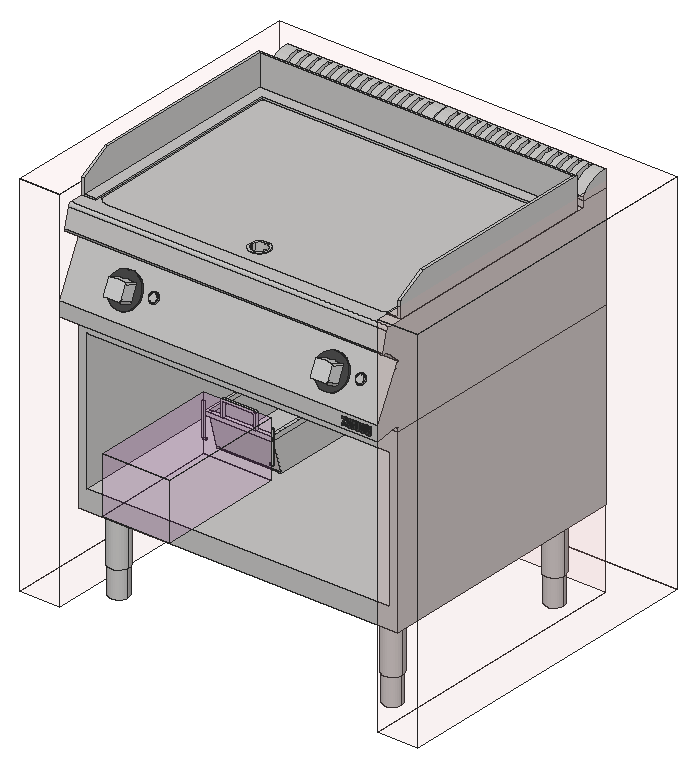
Revit family "QF_ZANUSSI_372040_Z7FTGHCSO0", category Attrezzature speciali, Revit 2020
Family settings
  Quota connettore circolare = Usa diametro
  Tipo di parte = Normale
  Basato su piano di lavoro = No
  Sempre verticale = Sì
  Taglio con vuoti quando caricato = No
  Condiviso = No
  Punto di calcolo locali = No
Parameters (values of type "Standard")
  Weight = 80.00 kg
  Watts = 0 W
  Volts = 0 V
  URL Manufacturer = "http://www.zanussiprofessional.com"
  URL = "http://www.zanussiprofessional.com"
  Steam Supply Size = 0 mm
  Steam Supply Minimum Pressure = 0.0 Pa
  Steam Supply Maximum Pressure = 0.0 Pa
  Steam Consumption per Hour = 0
  Show Logo [instance] = yes
  Show Clearance [instance] = yes
  Refrigeration Suction Line Size = 0 mm
  Refrigeration Liquid Line Size = 0 mm
  Refrigerant Compressor Remote = yes
  Prospetto di default = 0 mm
  Produttore = "Zanussi"
  Phase = 0
  Modello = "Z7FTGHCSO0"
  Length Actual = 800 mm  # constant formula
  Item Number = "372040"
  Hot Water Size = 0 mm
  Height Actual = 850 mm  # constant formula
  HP = "0 HP"
  Gas Size = 12.7 mm
  Gas KW = 14
  Gas Input Pressure = 0.137496 W
  Direct Waste Size = 0 mm
  Descrizione = "GAS FRY TOP-SMOOTH POLISHED CHROME PLATE+BASE 800MM"
  Depth Actual = 700 mm  # constant formula
  Cycle = 0 Hz
  Condensate Return Size = 0 mm
  Compressed Air Volume = 0.0 L/s
  Compressed Air Size = 0 mm
  Compressed Air Pressure = 0.0 Pa
  Cold Water Size = 0 mm
  Accessory = yes
Reference planes
  plane 1 "Back": y = 0
  plane 2: z = 0
  plane 3 "Left": x = 0
  plane 4: z = 849
  plane 5: x = 900
  plane 6: x = -100
  plane 7: y = 100
  plane 8: x = 800
  plane 9: y = -715
  plane 10: x = 400
  plane 11: y = -91
  plane 12: y = -600
Forms (mm)
  Extrusion 1, solid, material "QF_Finishes_Clearance", visible <- "Show Clearance"
    sketch origin (0, 0, 575) x (1, 0, 0) y (0, 1, 0)
      loop
        line (0, -715) -> (0, 0) -> (800, 0) -> (800, -715) -> (900, -715) -> (900, 100) -> (-100, 100) -> (-100, -715) -> (0, -715)
    from -575 to 355
  Extrusion 2, solid, material "QF_Finishes_Stainless Steel"
    sketch origin (295, 322, 0) x (1, 0, 0) y (0, 0, 1)
      loop
        line (184.499, 468.626) -> (184.499, 467)
        arc (184.499, 467) -> (185.085, 465.586) -> (186.499, 465) r 2
        line (186.499, 465) -> (192, 465)
        arc (192, 465) -> (194.121, 465.879) -> (195, 468) r 3
        line (195, 468) -> (195, 550) -> (190, 550) -> (190, 468.626) -> (184.499, 468.626)
    from 655 to 977.426
  Extrusion 3, solid, material "QF_Finishes_Stainless Steel"
    sketch origin (505, 322, 0) x (-1, 0, 0) y (0, 0, -1)
      loop
        line (184.499, -468.626) -> (190, -468.626) -> (190, -550) -> (195, -550) -> (195, -468)
        arc (195, -468) -> (194.121, -465.879) -> (192, -465) r 3
        line (192, -465) -> (186.499, -465)
        arc (186.499, -465) -> (185.085, -465.586) -> (184.499, -467) r 2
        line (184.499, -467) -> (184.499, -468.626)
    from 655 to 977.426
  Extrusion 4, void
    sketch origin (0, -2.381, 900) x (-1, 0, 0) y (0, -1, 0)
      loop
        arc (-60.425, 102.504) -> (-42.464, 109.943) -> (-35.025, 127.904) r 25.4
        line (-35.025, 127.904) -> (-35.025, 617.104)
        arc (-35.025, 617.104) -> (-42.464, 635.064) -> (-60.425, 642.504) r 25.4
        line (-60.425, 642.504) -> (-739.575, 642.504)
        arc (-739.575, 642.504) -> (-757.536, 635.064) -> (-764.975, 617.104) r 25.4
        line (-764.975, 617.104) -> (-764.975, 127.904)
        arc (-764.975, 127.904) -> (-757.536, 109.943) -> (-739.575, 102.504) r 25.4
        line (-739.575, 102.504) -> (-60.425, 102.504)
    from 0 to -3.2
  Sweep 5, solid, material "QF_Finishes_Stainless Steel"
    path origin (0, -2.381, 900) x (-1, 0, 0) y (0, -1, 0)
      loop
        line (-764.975, 642.504) -> (-764.975, 122.619) -> (-35.025, 122.619) -> (-35.025, 642.504)
    profile origin (35.025, -384.942, 900) x (1, 0, 0) y (0, 0, 1)
      loop
        line (-35.025, 0) -> (0, 0) -> (0, 3.175) -> (-28.675, 3.175) -> (-28.675, 80) -> (-35.025, 80) -> (-35.025, 0)
  Extrusion 6, void
    sketch origin (0, -89.975, 900) x (0, 1, 0) y (0, 0, 1)
      loop
        line (-554.91, 40.481) -> (-481.88, 80) -> (-554.91, 80) -> (-554.91, 40.481)
    from 0 to 6.35
  Extrusion 7, void
    sketch origin (800, -644.885, 900) x (0, -1, 0) y (0, 0, 1)
      loop
        line (0, 40.481) -> (0, 80) -> (-73.03, 80) -> (0, 40.481)
    from 0 to 6.35
  Extrusion 8, solid, material "QF_Finishes_Stainless Steel"
    sketch origin (314.693, 20, 50) x (1, 0, 0) y (0, 1, 0)
      loop
        circle (85.307, -607.968) r 25
      loop
        circle (85.307, -607.968) r 20
    from 831.583 to 846.8
  Extrusion 9, void
    sketch origin (314.693, 20, 50) x (1, 0, 0) y (0, 1, 0)
      loop
        circle (85.307, -607.971) r 20
    from 520.027 to 855.813
  Extrusion 10, solid, material "QF_Finishes_Stainless Steel"
    sketch origin (0, 0, 626) x (0, 1, 0) y (0, 0, 1)
      loop
        line (0, 24) -> (0, 288) -> (-70, 288) -> (-70, 273) -> (-679.358, 273)
        arc (-679.358, 273) -> (-684.643, 270.811) -> (-686.833, 265.526) r 7.474
        line (-686.833, 265.526) -> (-699.884, 220.011)
        arc (-699.884, 220.011) -> (-699.396, 217.379) -> (-697, 216.184) r 3
        line (-697, 216.184) -> (-686.802, 216.184) -> (-654.982, 184.364) -> (-715, 64.508) -> (-715, 29.508) -> (-658.645, 37.428)
        arc (-658.645, 37.428) -> (-656.101, 36.674) -> (-655, 34.259) r 3.2
        line (-655, 34.259) -> (-655, 24) -> (0, 24)
    from 0 to 800
  Extrusion 11, solid, material "QF_Finishes_Stainless Steel"
    sketch origin (0, 0, 50) x (1, 0, 0) y (0, 1, 0)
      loop
        line (0, 0) -> (0, -655) -> (800, -655) -> (800, 0) -> (0, 0)
    from 149 to 600
  Extrusion 12, void
    sketch origin (800, -655, 50) x (1, 0, 0) y (0, 0, -1)
      loop
        line (-780, -199) -> (-780, -550) -> (-20, -550) -> (-20, -199) -> (-780, -199)
    from 0 to 507.363
  Extrusion 13, solid, material "QF_Finishes_Door Clearance", visible <- "Show Clearance"
    sketch origin (295, 0, 50) x (1, 0, 0) y (0, 0, 1)
      loop
        line (190, 380) -> (190, 521.126) -> (19.675, 521.126) -> (19.675, 380) -> (190, 380)
    from 655 to 975.19
  Extrusion 14, solid, material "QF_Finishes_Stainless Steel"
    sketch origin (-400, 0, 189) x (1, 0, 0) y (0, 1, 0)
      loop
        circle (1148, -506) r 10
    from 0 to 10
Cuts and joins
  Extrusion 4, Extrusion 6, Extrusion 7 cuts Sweep 5
  Extrusion 4 cuts Extrusion 8
  Extrusion 6 cuts Extrusion 1
  Extrusion 12 cuts Extrusion 2
  Extrusion 12 cuts Extrusion 3
  Extrusion 12 cuts Extrusion 11
  Extrusion 4, Extrusion 9 cuts Extrusion 10
Dimensions and locks
  plane 4 to level = 849 mm
  plane 3 "Left" to plane 8 = 800 mm
  plane 1 "Back" to plane 9 = 715 mm
  plane 6 to plane 3 "Left" = 100 mm
  plane 8 to plane 5 = 100 mm
  plane 1 "Back" to plane 7 = 100 mm
  equal spacing: plane 3 "Left", plane 10, plane 8
  plane 1 "Back" to plane 11 to plane 12 = 91 mm, 509 mm
  aligned and locked: level to plane 2
Automatic sketch dimensions
  Extrusion 1 sketch curve to plane 6 = 0 mm
  plane 1 "Back" to Extrusion 1 sketch curve = 0 mm
  Extrusion 1 sketch curve to plane 3 "Left" = 0 mm
  Extrusion 1 sketch curve to plane 8 = 0 mm
  Extrusion 1 sketch curve to plane 5 = 0 mm
  Extrusion 1 sketch curve to plane 9 = 0 mm
  plane 9 to Extrusion 1 sketch curve = 0 mm
  Extrusion 1 sketch curve to plane 7 = 0 mm
  plane 10 to Extrusion 2 sketch curve = 79.499 mm
  Extrusion 2 sketch curve to Extrusion 2 sketch curve = 2 mm  (x2)
  Extrusion 2 sketch curve to Extrusion 2 sketch curve = 3.501 mm
  Extrusion 2 sketch curve to Extrusion 2 sketch curve = 5 mm
  plane 4 to Extrusion 2 sketch curve = 384 mm
  Extrusion 2 sketch curve to Extrusion 2 sketch curve = 1.626 mm
  Extrusion 2 sketch curve to Extrusion 2 sketch curve = 81.374 mm
  Extrusion 3 sketch curve to plane 10 = 79.499 mm
  Extrusion 3 sketch curve to Extrusion 3 sketch curve = 2 mm  (x2)
  Extrusion 3 sketch curve to Extrusion 3 sketch curve = 3.501 mm
  Extrusion 3 sketch curve to Extrusion 3 sketch curve = 5 mm
  plane 4 to Extrusion 3 sketch curve = 299 mm
  Extrusion 3 sketch curve to Extrusion 3 sketch curve = 81.374 mm
  Extrusion 3 sketch curve to Extrusion 3 sketch curve = 0.626 mm
  plane 8 to Extrusion 4 sketch curve = 35.025 mm
  Extrusion 4 sketch curve to Extrusion 4 sketch curve = 25.4 mm  (x3)
  Extrusion 4 sketch curve to plane 11 = 13.885 mm
  plane 3 "Left" to Extrusion 4 sketch curve = 60.425 mm  (x2)
  Extrusion 4 sketch curve to plane 12 = 19.485 mm
  plane 8 to Sweep 5 sketch curve = 35.025 mm
  plane 3 "Left" to Sweep 5 sketch curve = 35.025 mm
  Sweep 5 sketch curve to plane 11 = 34 mm
  Sweep 5 sketch curve to plane 12 = 44.885 mm  (x2)
  Sweep 5 sketch curve to profile plane = 0 mm
  profile plane to Sweep 5 sketch curve = 0 mm
  profile plane to Sweep 5 sketch curve = 28.675 mm
  Sweep 5 sketch curve to Sweep 5 sketch curve = 6.35 mm
  profile plane to Sweep 5 sketch curve = 3.175 mm
  Sweep 5 sketch curve to Sweep 5 sketch curve = 76.825 mm
  Extrusion 6 sketch curve to Sweep 5 = 0 mm  (x2)
  Extrusion 6 sketch curve to Sweep 5 = 73.03 mm
  Extrusion 6 sketch curve to Extrusion 6 sketch curve = 39.519 mm
  Sweep 5 to Extrusion 7 sketch curve = 0 mm
  Extrusion 7 sketch curve to Sweep 5 = 0 mm
  Extrusion 7 sketch curve to Extrusion 7 sketch curve = 73.03 mm
  Extrusion 7 sketch curve to Extrusion 7 sketch curve = 39.519 mm
  Extrusion 8 sketch curve to Extrusion 8 sketch curve = 0 mm  (x2)
  Extrusion 8 sketch curve to plane 10 = 0 mm
  plane 12 to Extrusion 8 sketch curve = 12.032 mm
  Extrusion 9 sketch curve to plane 10 = 0 mm
  plane 12 to Extrusion 9 sketch curve = 12.029 mm
  Extrusion 10 sketch curve to plane 9 = 0 mm
  Extrusion 10 sketch curve to plane 1 "Back" = 0 mm
  plane 4 to Extrusion 10 sketch curve = 2.989 mm
  plane 9 to Extrusion 10 sketch curve = 15.116 mm
  Extrusion 10 sketch curve to Extrusion 10 sketch curve = 2.884 mm
  plane 9 to Extrusion 10 sketch curve = 28.167 mm
  plane 4 to Extrusion 10 sketch curve = 6.816 mm
  Extrusion 10 sketch curve to Extrusion 10 sketch curve = 10.198 mm
  Extrusion 10 sketch curve to Extrusion 10 sketch curve = 7.474 mm
  plane 9 to Extrusion 10 sketch curve = 56.355 mm
  Extrusion 10 sketch curve to Extrusion 10 sketch curve = 0.445 mm
  Extrusion 10 sketch curve to Extrusion 10 sketch curve = 3.2 mm
  Extrusion 10 sketch curve to Extrusion 10 sketch curve = 31.82 mm
  plane 11 to Extrusion 10 sketch curve = 21 mm
  plane 4 to Extrusion 10 sketch curve = 38.636 mm
  Extrusion 10 sketch curve to Extrusion 10 sketch curve = 119.856 mm
  Extrusion 10 sketch curve to Extrusion 10 sketch curve = 27.08 mm
  Extrusion 10 sketch curve to Extrusion 10 sketch curve = 35 mm
  Extrusion 10 sketch curve to Extrusion 10 sketch curve = 10.259 mm
  Extrusion 10 sketch curve to plane 4 = 42.526 mm
  Extrusion 10 sketch curve to plane 4 = 65 mm
  Extrusion 11 sketch curve to plane 3 "Left" = 0 mm
  Extrusion 11 sketch curve to plane 8 = 0 mm
  plane 1 "Back" to Extrusion 11 sketch curve = 0 mm
  Extrusion 11 sketch curve to plane 12 = 55 mm
  Extrusion 12 sketch curve to Extrusion 11 = 20 mm
  Extrusion 11 to Extrusion 12 sketch curve = 20 mm
  Extrusion 12 sketch curve to Extrusion 11 = 50 mm  (x2)
  Extrusion 13 sketch curve to plane 10 = 85.325 mm
  plane 10 to Extrusion 13 sketch curve = 85 mm
  plane 4 to Extrusion 13 sketch curve = 419 mm
  Extrusion 13 sketch curve to Extrusion 13 sketch curve = 141.126 mm
  plane 8 to Extrusion 14 sketch curve = 52 mm
  plane 12 to Extrusion 14 sketch curve = 94 mm
  radius of Extrusion 8 sketch curve = 25 mm
  radius of Extrusion 8 sketch curve = 20 mm
  radius of Extrusion 9 sketch curve = 20 mm
  radius of Extrusion 14 sketch curve = 10 mm
Nested families
  nested 1: "Uscita_Fumi" at (200, -34.925, 914), type "Uscita_Fumi"
  nested 2: "Uscita_Fumi" at (600, -34.925, 914) x (-1, 0, 0) z (0, 0, 1), type "Uscita_Fumi"
  nested 3: "CONTROLLER_XP-ZAN" at (190.75, -684.624, 751.168) x (1, 0, 0) z (0, -0.8942, 0.4478), type "CONTROLLER_XP-ZAN"
  nested 4: "Bottone" at (210, -681.68, 757.047) x (1, 0, 0) z (0, -0.8942, 0.4478), type "Bottone"
  nested 5: "CONTROLLER_XP-ZAN" at (710.75, -684.624, 751.168) x (1, 0, 0) z (0, -0.8942, 0.4478), type "CONTROLLER_XP-ZAN"
  nested 6: "Bottone" at (730, -681.68, 757.047) x (1, 0, 0) z (0, -0.8942, 0.4478), type "Bottone"
  nested 7: "ZANUSSI_Logo" at (749.92, -715, 721.184) x (1, 0, 0) z (0, -1, 0), Show Logo <- "Show Logo", visible <- "Show Logo", type "ZANUSSI_Logo"
    with Show Logo yes
  nested 8: "CESTELLO_SCOLO" at (314.675, -494, 430), type "CESTELLO_SCOLO"
  nested 9: "Piedino 50xH200_par" at (56, -600, 0), type "Piedino 50xH200_par"
    with H 200 mm
  nested 10: "Piedino 50xH200_par" at (56, -90.938, 0), type "Piedino 50xH200_par"
    with H 200 mm
  nested 11: "Piedino 50xH200_par" at (744, -90.938, 0), type "Piedino 50xH200_par"
    with H 200 mm
  nested 12: "Piedino 50xH200_par" at (744, -599.938, 0), type "Piedino 50xH200_par"
    with H 200 mm
Connectors
  piping at (748, -506, 189), diameter 12.7, driven by "Gas Size"
    settings: on Extrusion 14, index 7, connector inside diameter 609.6 mm, connector length 0 mm, flow factor 0, pipe flow 0.0 L/s, pressure drop 0.0 Pa, fitting loss kfactor 0, connector angle 0.00°, fixture units 0, engagement length 0 mm, angle of deflection 0.00°, flow configuration 0, flow direction 0, fitting loss method 0, system type 29, joint type 0, gender type 0, connector reference index -1, connector utility 0, adjustable connector no, is connector primary yes, connector description "Gas Connection"
Definition of nested family "Uscita_Fumi"
  Parameters (values of type "Uscita_Fumi")
    Default Elevation = 1219.2 mm
  Reference planes
    plane 1 "Centro (Fronte/Retro)": y = 0
    plane 2: z = 0
    plane 3 "Centro (Sinistra/Destra)": x = 0
  Forms (mm)
    Extrusion 1, solid
      sketch origin (0, 0, 0) x (1, 0, 0) y (0, 1, 0)
        loop
          line (-1219.2, 1219.2) -> (-1219.2, -1219.2) -> (1219.2, -1219.2) -> (1219.2, 1219.2) -> (-1219.2, 1219.2)
      from 0 to -304.8
    Extrusion 2, solid
      sketch origin (-200, 34.925, -289.638) x (0, 1, 0) y (0, 0, 1)
        loop
          line (0, 289.638) -> (0, 331.738)
          arc (0, 331.738) -> (-38.857, 324.552) -> (-69.85, 300.038) r 82.056
          line (-69.85, 300.038) -> (-69.85, 289.638) -> (0, 289.638)
      from 0 to 400
    Extrusion 3, void
      sketch origin (-200, 34.925, -15) x (0, -1, 0) y (1, 0, 0)
        loop
          line (6.761, 29.703) -> (63.911, 29.703) -> (63.911, 38.999) -> (6.761, 38.999) -> (6.761, 29.703)
        loop
          line (63.911, 64.487) -> (6.761, 64.487) -> (6.761, 55.191) -> (63.911, 55.191) -> (63.911, 64.487)
        loop
          line (63.911, 89.975) -> (6.761, 89.975) -> (6.761, 80.68) -> (63.911, 80.68) -> (63.911, 89.975)
        loop
          line (63.911, 115.464) -> (6.761, 115.464) -> (6.761, 106.168) -> (63.911, 106.168) -> (63.911, 115.464)
        loop
          line (63.911, 140.952) -> (6.761, 140.952) -> (6.761, 131.656) -> (63.911, 131.656) -> (63.911, 140.952)
        loop
          line (63.911, 166.44) -> (6.761, 166.44) -> (6.761, 157.145) -> (63.911, 157.145) -> (63.911, 166.44)
        loop
          line (63.911, 191.929) -> (6.761, 191.929) -> (6.761, 182.633) -> (63.911, 182.633) -> (63.911, 191.929)
        loop
          line (63.911, 217.417) -> (6.761, 217.417) -> (6.761, 208.121) -> (63.911, 208.121) -> (63.911, 217.417)
        loop
          line (63.911, 242.905) -> (6.761, 242.905) -> (6.761, 233.61) -> (63.911, 233.61) -> (63.911, 242.905)
        loop
          line (63.911, 268.394) -> (6.761, 268.394) -> (6.761, 259.098) -> (63.911, 259.098) -> (63.911, 268.394)
        loop
          line (63.911, 293.882) -> (6.761, 293.882) -> (6.761, 284.586) -> (63.911, 284.586) -> (63.911, 293.882)
        loop
          line (63.911, 319.37) -> (6.761, 319.37) -> (6.761, 310.075) -> (63.911, 310.075) -> (63.911, 319.37)
        loop
          line (63.911, 344.859) -> (6.761, 344.859) -> (6.761, 335.563) -> (63.911, 335.563) -> (63.911, 344.859)
        loop
          line (63.911, 370.347) -> (6.761, 370.347) -> (6.761, 361.051) -> (63.911, 361.051) -> (63.911, 370.347)
      from 25.4 to 63.5
  Cuts and joins
    Extrusion 3 cuts Extrusion 2
  Dimensions and locks
    aligned and locked: plane 2 to Extrusion 1
    aligned and locked: level to Extrusion 1
Definition of nested family "CONTROLLER_XP-ZAN"
  Parameters (values of type "CONTROLLER_XP-ZAN")
    Default Elevation = 0 mm
  Reference planes
    plane 1 "Centro (Fronte/Retro)": y = 0
    plane 2: z = 0
    plane 3 "Centro (Sinistra/Destra)": x = 0
    plane 4: x = -51.067
    plane 5: x = 51.067
    plane 6: x = 93.481
    plane 7: x = -93.481
  Forms (mm)
    Extrusion 1, solid
      sketch origin (0, 0, 0) x (1, 0, 0) y (0, 1, 0)
        loop
          line (-1219.2, 1219.2) -> (-1219.2, -1219.2) -> (1219.2, -1219.2) -> (1219.2, 1219.2) -> (-1219.2, 1219.2)
      from 0 to -304.8
    Extrusion 2, solid
      sketch origin (-46.381, -48.923, 0) x (1, 0, 0) y (0, 1, 0)
        loop
          circle (-4.687, 48.923) r 42.414
      from 0 to 3.175
    Blend 3, solid
      base sketch origin (-46.381, -48.923, 3.175) x (1, 0, 0) y (0, 1, 0)
        loop
          line (-23.687, 25.923) -> (14.313, 25.923)
          arc (14.313, 25.923) -> (17.142, 27.095) -> (18.313, 29.923) r 4
          line (18.313, 29.923) -> (18.313, 66.519)
          arc (18.313, 66.519) -> (17.342, 69.132) -> (14.901, 70.476) r 4
          arc (14.901, 70.476) -> (-4.687, 71.923) -> (-24.275, 70.476) r 133.25
          arc (-24.275, 70.476) -> (-26.716, 69.132) -> (-27.687, 66.519) r 4
          line (-27.687, 66.519) -> (-27.687, 29.923)
          arc (-27.687, 29.923) -> (-26.515, 27.095) -> (-23.687, 25.923) r 4
      top sketch origin (-46.381, -48.923, 3.175) x (1, 0, 0) y (0, 1, 0)
        loop
          line (-25.687, 66.519) -> (-25.687, 29.923)
          arc (-25.687, 29.923) -> (-25.101, 28.509) -> (-23.687, 27.923) r 2
          line (-23.687, 27.923) -> (14.313, 27.923)
          arc (14.313, 27.923) -> (15.727, 28.509) -> (16.313, 29.923) r 2
          line (16.313, 29.923) -> (16.313, 66.519)
          arc (16.313, 66.519) -> (15.828, 67.825) -> (14.607, 68.498) r 2
          arc (14.607, 68.498) -> (-4.687, 69.923) -> (-23.981, 68.498) r 131.25
          arc (-23.981, 68.498) -> (-25.201, 67.825) -> (-25.687, 66.519) r 2
      from 0 to 33
  Lines and regions (mm)
    Split face 1
      outline origin (-46.381, -48.923, 36.175) x (1, 0, 0) y (0, 1, 0)
        loop
          line (-6.687, 69.908) -> (-6.687, 62.923) -> (-2.687, 62.923) -> (-2.687, 69.908)
  Dimensions and locks
    aligned and locked: plane 2 to Extrusion 1
    aligned and locked: level to Extrusion 1
Definition of nested family "Bottone"
  Parameters (values of type "Bottone")
    Default Elevation = 1219.2 mm
  Reference planes
    plane 1 "Centro (Fronte/Retro)": y = 0
    plane 2: z = 0
    plane 3 "Centro (Sinistra/Destra)": x = 0
  Forms (mm)
    Extrusion 1, solid
      sketch origin (0, 0, 0) x (1, 0, 0) y (0, 1, 0)
        loop
          line (-1219.2, 1219.2) -> (-1219.2, -1219.2) -> (1219.2, -1219.2) -> (1219.2, 1219.2) -> (-1219.2, 1219.2)
      from 0 to -304.8
    Extrusion 2, solid
      sketch origin (0, 0, 0) x (1, 0, 0) y (0, 1, 0)
        loop
          circle (0, 0) r 12
        loop
          circle (0, 0) r 10
      from 0 to 2
    Extrusion 3, solid
      sketch origin (0, 0, 0) x (1, 0, 0) y (0, 1, 0)
        loop
          circle (0, 0) r 9.75
      from 0 to 3
  Dimensions and locks
    aligned and locked: plane 2 to Extrusion 1
    aligned and locked: level to Extrusion 1
Definition of nested family "ZANUSSI_Logo"
  Parameters (values of type "ZANUSSI_Logo")
    Show Logo [instance] = yes
    Default Elevation = 1219.2 mm
  Reference planes
    plane 1 "Center (Front/Back)": y = -49
    plane 2: z = 0
    plane 3 "Center (Left/Right)": x = -9.92
  Forms (mm)
    Extrusion 1, solid
      sketch origin (0, 0, 0) x (1, 0, 0) y (0, 1, 0)
        loop
          line (-1219.2, 1219.2) -> (-1219.2, -1219.2) -> (1219.2, -1219.2) -> (1219.2, 1219.2) -> (-1219.2, 1219.2)
      from 0 to -304.8
    Extrusion 2, solid, visible <- "Show Logo"
      sketch origin (106.353, -215.165, -50) x (1, 0, 0) y (0, 1, 0)
        loop
          line (-137.419, 156.48) -> (-137.419, 160.444) -> (-143.365, 160.444) -> (-137.419, 172.566) -> (-137.419, 175.851) -> (-147.274, 175.851) -> (-147.274, 172.226) -> (-142.063, 172.339) -> (-147.728, 160.444) -> (-147.728, 156.48) -> (-137.419, 156.48)
        loop
          line (-131.729, 163.73) -> (-129.463, 163.73) -> (-130.596, 172.54) -> (-131.729, 163.73)
        loop
          line (-132.748, 156.48) -> (-132.182, 160.218) -> (-128.897, 160.218) -> (-128.33, 156.48) -> (-124.252, 156.48) -> (-127.877, 175.851) -> (-133.315, 175.851) -> (-136.826, 156.48) -> (-132.748, 156.48)
        loop
          line (-123.75, 175.851) -> (-123.75, 156.48) -> (-120.238, 156.48) -> (-120.238, 169.281) -> (-116.953, 156.48) -> (-112.648, 156.48) -> (-112.648, 175.851) -> (-116.273, 175.851) -> (-116.273, 163.503) -> (-119.558, 175.851) -> (-123.75, 175.851)
        loop
          arc (-111.742, 161.27) -> (-106.896, 156.448) -> (-101.433, 160.558) r 5.22
          line (-101.433, 160.558) -> (-101.433, 175.851) -> (-105.398, 175.851) -> (-105.398, 161.464)
          arc (-105.398, 161.464) -> (-106.44, 160.263) -> (-107.777, 161.124) r 1.214
          line (-107.777, 161.124) -> (-107.777, 175.851) -> (-111.742, 175.851) -> (-111.742, 161.27)
        loop
          line (-94.069, 169.734) -> (-90.331, 169.734) -> (-90.269, 171.495)
          arc (-90.269, 171.495) -> (-90.53, 173.458) -> (-91.761, 175.009) r 3.719
          arc (-91.761, 175.009) -> (-95.38, 176.189) -> (-98.998, 175.009) r 6.139
          arc (-98.998, 175.009) -> (-100.474, 172.145) -> (-100.291, 168.927) r 6.125
          arc (-100.291, 168.927) -> (-99.079, 167.149) -> (-97.591, 165.594) r 13.068
          line (-97.591, 165.594) -> (-95.921, 164.113)
          arc (-95.921, 164.113) -> (-94.934, 163.275) -> (-94.167, 162.233) r 5.571
          arc (-94.167, 162.233) -> (-94.357, 160.41) -> (-96.143, 160.003) r 1.573
          arc (-96.143, 160.003) -> (-96.681, 160.547) -> (-96.911, 161.277) r 1.631
          arc (-96.911, 161.277) -> (-96.929, 161.791) -> (-96.911, 162.305) r 7.441
          arc (-96.911, 162.305) -> (-96.895, 162.791) -> (-96.911, 163.277) r 7.03
          line (-96.911, 163.277) -> (-100.866, 163.277)
          arc (-100.866, 163.277) -> (-100.828, 160.504) -> (-99.735, 157.955) r 7.131
          arc (-99.735, 157.955) -> (-94.571, 156.484) -> (-90.221, 159.633) r 6.148
          arc (-90.221, 159.633) -> (-90.141, 162.884) -> (-91.536, 165.823) r 7.021
          line (-91.536, 165.823) -> (-95.882, 169.734)
          arc (-95.882, 169.734) -> (-96.47, 170.472) -> (-96.785, 171.362) r 2.858
          arc (-96.785, 171.362) -> (-95.666, 172.959) -> (-94.069, 171.84) r 1.379
          line (-94.069, 171.84) -> (-94.069, 169.734)
        loop
          line (-82.771, 169.734) -> (-79.033, 169.734) -> (-78.971, 171.495)
          arc (-78.971, 171.495) -> (-79.232, 173.458) -> (-80.463, 175.009) r 3.719
          arc (-80.463, 175.009) -> (-84.081, 176.189) -> (-87.7, 175.009) r 6.139
          arc (-87.7, 175.009) -> (-89.175, 172.145) -> (-88.993, 168.927) r 6.125
          arc (-88.993, 168.927) -> (-87.781, 167.149) -> (-86.293, 165.594) r 13.068
          line (-86.293, 165.594) -> (-84.623, 164.113)
          arc (-84.623, 164.113) -> (-83.636, 163.275) -> (-82.869, 162.233) r 5.571
          arc (-82.869, 162.233) -> (-83.059, 160.41) -> (-84.845, 160.003) r 1.573
          arc (-84.845, 160.003) -> (-85.383, 160.547) -> (-85.613, 161.277) r 1.631
          arc (-85.613, 161.277) -> (-85.631, 161.791) -> (-85.613, 162.305) r 7.441
          arc (-85.613, 162.305) -> (-85.596, 162.791) -> (-85.613, 163.277) r 7.03
          line (-85.613, 163.277) -> (-89.568, 163.277)
          arc (-89.568, 163.277) -> (-89.53, 160.504) -> (-88.437, 157.955) r 7.131
          arc (-88.437, 157.955) -> (-83.272, 156.484) -> (-78.922, 159.633) r 6.148
          arc (-78.922, 159.633) -> (-78.843, 162.884) -> (-80.238, 165.823) r 7.021
          line (-80.238, 165.823) -> (-84.584, 169.734)
          arc (-84.584, 169.734) -> (-85.171, 170.472) -> (-85.486, 171.362) r 2.858
          arc (-85.486, 171.362) -> (-84.368, 172.959) -> (-82.771, 171.84) r 1.379
          line (-82.771, 171.84) -> (-82.771, 169.734)
        loop
          line (-78.21, 175.851) -> (-78.21, 156.48) -> (-74.245, 156.48) -> (-74.245, 175.851) -> (-78.21, 175.851)
      from 50 to 51.6
  Dimensions and locks
    aligned and locked: plane 2 to Extrusion 1
    aligned and locked: level to Extrusion 1
Definition of nested family "CESTELLO_SCOLO"
  Parameters (values of type "CESTELLO_SCOLO")
    Default Elevation = 0 mm
  Reference planes
    plane 1 "Centro (Fronte/Retro)": y = 0
    plane 2: z = 0
    plane 3 "Centro (Sinistra/Destra)": x = 0
  Forms (mm)
    Extrusion 1, solid
      sketch origin (0, -5, 0) x (0, 1, 0) y (0, 0, 1)
        loop
          line (0, 0) -> (128.732, 0)
          arc (128.732, 0) -> (131.741, 1.007) -> (133.539, 3.622) r 5
          line (133.539, 3.622) -> (160.064, 96.126) -> (0, 96.126) -> (-149.181, 96.126) -> (-122.656, 3.622)
          arc (-122.656, 3.622) -> (-120.859, 1.007) -> (-117.85, 0) r 5
          line (-117.85, 0) -> (0, 0)
      from 4.958 to 164.824
    Extrusion 2, solid
      sketch origin (7.5, -1.064, 2.5) x (0, 1, 0) y (0, 0, 1)
        loop
          line (162.49, 96.126) -> (-159.936, 96.126) -> (-159.936, 86.126) -> (162.49, 86.126) -> (162.49, 96.126)
      from -7.175 to 162.825
    Extrusion 3, solid
      sketch origin (-14.987, 0, 0) x (1, 0, 0) y (0, 0, 1)
        loop
          line (56.875, 98.626) -> (61.875, 98.626) -> (61.875, 133.126)
          arc (61.875, 133.126) -> (62.754, 135.247) -> (64.875, 136.126) r 3
          line (64.875, 136.126) -> (135.75, 136.126)
          arc (135.75, 136.126) -> (137.871, 135.247) -> (138.75, 133.126) r 3
          line (138.75, 133.126) -> (138.75, 98.626) -> (143.75, 98.626) -> (143.75, 136.126)
          arc (143.75, 136.126) -> (142.286, 139.662) -> (138.75, 141.126) r 5
          line (138.75, 141.126) -> (61.875, 141.126)
          arc (61.875, 141.126) -> (58.339, 139.662) -> (56.875, 136.126) r 5
          line (56.875, 136.126) -> (56.875, 98.626)
      from 154.898 to 161
    Extrusion 4, solid
      sketch origin (-14.987, 0, 0) x (1, 0, 0) y (0, 0, -1)
        loop
          line (56.875, -98.626) -> (56.875, -136.126)
          arc (56.875, -136.126) -> (58.339, -139.662) -> (61.875, -141.126) r 5
          line (61.875, -141.126) -> (138.75, -141.126)
          arc (138.75, -141.126) -> (142.286, -139.662) -> (143.75, -136.126) r 5
          line (143.75, -136.126) -> (143.75, -98.626) -> (138.75, -98.626) -> (138.75, -133.126)
          arc (138.75, -133.126) -> (137.871, -135.247) -> (135.75, -136.126) r 3
          line (135.75, -136.126) -> (64.875, -136.126)
          arc (64.875, -136.126) -> (62.754, -135.247) -> (61.875, -133.126) r 3
          line (61.875, -133.126) -> (61.875, -98.626) -> (56.875, -98.626)
      from 154.898 to 161
    Extrusion 5, void
      sketch origin (6.25, 0, 0) x (0, 1, 0) y (0, 0, 1)
        loop
          line (152.09, 101.912) -> (-152.186, 101.912) -> (-152.186, 92.301) -> (-123.108, 7.853) -> (126.892, 7.853) -> (152.09, 95.731) -> (152.09, 101.912)
      from 0.704 to 156.557
  Cuts and joins
    Extrusion 5 cuts Extrusion 2
    Extrusion 5 cuts Extrusion 1
  Dimensions and locks
    Extrusion 1 sketch curve to Extrusion 1 sketch curve = 309.245 mm
    Extrusion 2 to Extrusion 2 = 170 mm
    aligned and locked: level to plane 2
Definition of nested family "Piedino 50xH200_par"
  Parameters (values of type "Piedino 50xH200_par")
    Default Elevation = 0 mm
    H [instance] = 200 mm
  Reference planes
    plane 1 "Centro (Fronte/Retro)": y = 0
    plane 2: z = 0
    plane 3 "Centro (Sinistra/Destra)": x = 0
  Forms (mm)
    Revolve 1, solid
      sketch origin (55, 0, 0) x (-1, 0, 0) y (0, 0, -1)
        loop
          line (55, 0) -> (32.1, 0) -> (32.1, -69.05) -> (29.6, -69.05) -> (29.6, -200) -> (55, -200) -> (55, 0)
        axis (55, 0) -> (55, -200)
      angle from 0 to 360
  Dimensions and locks
    "H": Revolve 1 to plane 2
    aligned and locked: level to plane 2
  Automatic sketch dimensions
    Revolve 1 sketch curve to level = 0 mm
    Revolve 1 sketch curve to plane 3 "Centro (Sinistra/Destra)" = 0 mm  (x2)
    plane 3 "Centro (Sinistra/Destra)" to Revolve 1 sketch curve = 22.9 mm
    Revolve 1 sketch curve to Revolve 1 sketch curve = 2.5 mm
    level to Revolve 1 sketch curve = 69.05 mm
    Revolve 1 sketch curve to Revolve 1 sketch curve = 130.95 mm
    Revolve 1 sketch curve to Revolve 1 sketch curve = 0 mm
    Revolve 1 sketch curve to Revolve 1 sketch curve = 20 mm
